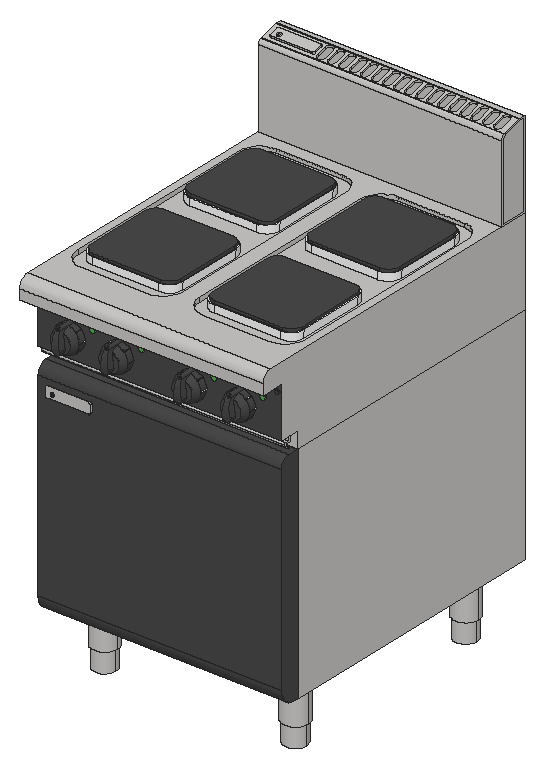
Revit family "QF_Moffat_RNB8400SE-CD_Electric_Cooktops_Sealed_Hobs_cat", category Specialty Equipment, Revit 2019 (continued)
Definition of nested family "High and Low Option"
  Forms (mm)
    Extrusion 2, solid, visible <- "High Back"
      sketch origin (0, 0, 0) x (0, 1, 0) y (0, 0, 1)
        loop
          arc (-66.8, 1105.938) -> (-64.972, 1111.307) -> (-60.248, 1114.446) r 8.8
          line (-60.248, 1114.446) -> (-61.106, 1117.646)
          arc (-61.106, 1117.646) -> (-67.52, 1113.36) -> (-70, 1106.055) r 12
          line (-70, 1106.055) -> (-70, 915)
      from 0 to 600
    Extrusion 3, solid, visible <- "High Back"
      sketch origin (0, 0, 0) x (0, 1, 0) y (0, 0, 1)
        loop
          line (-3.2, 1126.8) -> (-14.143, 1126.8) -> (-60.278, 1114.438)
          arc (-60.278, 1114.438) -> (-64.982, 1111.295) -> (-66.8, 1105.938) r 8.8
          line (-66.8, 1105.938) -> (-66.8, 918.2) -> (-3.2, 918.2) -> (-3.2, 1126.8)
      from 0 to 3.2
    Extrusion 4, solid, visible <- "High Back"
      sketch origin (600, 0, 0) x (0, 1, 0) y (0, 0, -1)
        loop
          line (-3.2, -1126.8) -> (-3.2, -918.2) -> (-66.8, -918.2) -> (-66.8, -1105.938)
          arc (-66.8, -1105.938) -> (-64.982, -1111.295) -> (-60.278, -1114.438) r 8.8
          line (-60.278, -1114.438) -> (-14.143, -1126.8) -> (-3.2, -1126.8)
      from 0 to 3.2
    Extrusion 5, solid, visible <- "High Back"
      sketch origin (0, -15, 1130) x (0, -0.965926, -0.258819) y (1, 0, 0)
        loop
          line (47.732, 600) -> (0, 600) -> (0, 0) -> (47.732, 0) -> (47.732, 600)
        loop
          arc (11.379, 149.307) -> (1.379, 139.307) -> (11.379, 129.307) r 10
          line (11.379, 129.307) -> (36.495, 129.307)
          arc (36.495, 129.307) -> (46.495, 139.307) -> (36.495, 149.307) r 10
          line (36.495, 149.307) -> (11.379, 149.307)
        loop
          arc (11.379, 176.588) -> (1.379, 166.588) -> (11.379, 156.588) r 10
          line (11.379, 156.588) -> (36.495, 156.588)
          arc (36.495, 156.588) -> (46.495, 166.588) -> (36.495, 176.588) r 10
          line (36.495, 176.588) -> (11.379, 176.588)
        loop
          arc (11.379, 203.868) -> (1.379, 193.868) -> (11.379, 183.868) r 10
          line (11.379, 183.868) -> (36.495, 183.868)
          arc (36.495, 183.868) -> (46.495, 193.868) -> (36.495, 203.868) r 10
          line (36.495, 203.868) -> (11.379, 203.868)
        loop
          arc (11.379, 231.148) -> (1.379, 221.148) -> (11.379, 211.148) r 10
          line (11.379, 211.148) -> (36.495, 211.148)
          arc (36.495, 211.148) -> (46.495, 221.148) -> (36.495, 231.148) r 10
          line (36.495, 231.148) -> (11.379, 231.148)
        loop
          arc (11.379, 258.428) -> (1.379, 248.428) -> (11.379, 238.428) r 10
          line (11.379, 238.428) -> (36.495, 238.428)
          arc (36.495, 238.428) -> (46.495, 248.428) -> (36.495, 258.428) r 10
          line (36.495, 258.428) -> (11.379, 258.428)
        loop
          arc (11.379, 285.709) -> (1.379, 275.709) -> (11.379, 265.709) r 10
          line (11.379, 265.709) -> (36.495, 265.709)
          arc (36.495, 265.709) -> (46.495, 275.709) -> (36.495, 285.709) r 10
          line (36.495, 285.709) -> (11.379, 285.709)
        loop
          arc (11.379, 312.989) -> (1.379, 302.989) -> (11.379, 292.989) r 10
          line (11.379, 292.989) -> (36.495, 292.989)
          arc (36.495, 292.989) -> (46.495, 302.989) -> (36.495, 312.989) r 10
          line (36.495, 312.989) -> (11.379, 312.989)
        loop
          arc (11.379, 340.269) -> (1.379, 330.269) -> (11.379, 320.269) r 10
          line (11.379, 320.269) -> (36.495, 320.269)
          arc (36.495, 320.269) -> (46.495, 330.269) -> (36.495, 340.269) r 10
          line (36.495, 340.269) -> (11.379, 340.269)
        loop
          arc (11.379, 367.549) -> (1.379, 357.549) -> (11.379, 347.549) r 10
          line (11.379, 347.549) -> (36.495, 347.549)
          arc (36.495, 347.549) -> (46.495, 357.549) -> (36.495, 367.549) r 10
          line (36.495, 367.549) -> (11.379, 367.549)
        loop
          arc (11.379, 394.829) -> (1.379, 384.829) -> (11.379, 374.829) r 10
          line (11.379, 374.829) -> (36.495, 374.829)
          arc (36.495, 374.829) -> (46.495, 384.829) -> (36.495, 394.829) r 10
          line (36.495, 394.829) -> (11.379, 394.829)
        loop
          arc (11.379, 422.11) -> (1.379, 412.11) -> (11.379, 402.11) r 10
          line (11.379, 402.11) -> (36.495, 402.11)
          arc (36.495, 402.11) -> (46.495, 412.11) -> (36.495, 422.11) r 10
          line (36.495, 422.11) -> (11.379, 422.11)
        loop
          arc (11.379, 449.39) -> (1.379, 439.39) -> (11.379, 429.39) r 10
          line (11.379, 429.39) -> (36.495, 429.39)
          arc (36.495, 429.39) -> (46.495, 439.39) -> (36.495, 449.39) r 10
          line (36.495, 449.39) -> (11.379, 449.39)
        loop
          arc (11.379, 476.67) -> (1.379, 466.67) -> (11.379, 456.67) r 10
          line (11.379, 456.67) -> (36.495, 456.67)
          arc (36.495, 456.67) -> (46.495, 466.67) -> (36.495, 476.67) r 10
          line (36.495, 476.67) -> (11.379, 476.67)
        loop
          arc (11.379, 503.95) -> (1.379, 493.95) -> (11.379, 483.95) r 10
          line (11.379, 483.95) -> (36.495, 483.95)
          arc (36.495, 483.95) -> (46.495, 493.95) -> (36.495, 503.95) r 10
          line (36.495, 503.95) -> (11.379, 503.95)
        loop
          arc (11.379, 531.23) -> (1.379, 521.23) -> (11.379, 511.23) r 10
          line (11.379, 511.23) -> (36.495, 511.23)
          arc (36.495, 511.23) -> (46.495, 521.23) -> (36.495, 531.23) r 10
          line (36.495, 531.23) -> (11.379, 531.23)
        loop
          arc (11.379, 558.511) -> (1.379, 548.511) -> (11.379, 538.511) r 10
          line (11.379, 538.511) -> (36.495, 538.511)
          arc (36.495, 538.511) -> (46.495, 548.511) -> (36.495, 558.511) r 10
          line (36.495, 558.511) -> (11.379, 558.511)
        loop
          arc (11.379, 585.791) -> (1.379, 575.791) -> (11.379, 565.791) r 10
          line (11.379, 565.791) -> (36.495, 565.791)
          arc (36.495, 565.791) -> (46.495, 575.791) -> (36.495, 585.791) r 10
          line (36.495, 585.791) -> (11.379, 585.791)
      from 0 to -3.313
    Extrusion 6, solid, visible <- "Low Back", not visible
      sketch origin (0, 0, 600) x (0, 1, 0) y (0, 0, 1)
        loop
          line (-70, 315) -> (0, 315) -> (0, 370) -> (-55, 370) -> (-70, 355) -> (-70, 315)
      from 0 to 600
    Extrusion 7, solid, visible <- "High Back", not visible
      sketch origin (0, 0, 0) x (0, 1, 0) y (0, 0, 1)
        loop
          line (-70, 915) -> (0, 915) -> (0, 1130) -> (-15, 1130) -> (-14.143, 1126.8) -> (-3.2, 1126.8) -> (-3.2, 918.2) -> (-66.8, 918.2) -> (-66.8, 1105.938)
          arc (-66.8, 1105.938) -> (-64.972, 1111.307) -> (-60.248, 1114.446) r 8.8
          line (-60.248, 1114.446) -> (-61.106, 1117.646)
          arc (-61.106, 1117.646) -> (-67.52, 1113.36) -> (-70, 1106.055) r 12
          line (-70, 1106.055) -> (-70, 915)
      from 0 to 600
    Extrusion 8, solid, visible <- "High Back", not visible
      sketch origin (0, 0, 0) x (0, 1, 0) y (0, 0, 1)
        loop
          line (-3.2, 1126.8) -> (-14.143, 1126.8) -> (-60.278, 1114.438)
          arc (-60.278, 1114.438) -> (-64.982, 1111.295) -> (-66.8, 1105.938) r 8.8
          line (-66.8, 1105.938) -> (-66.8, 918.2) -> (-3.2, 918.2) -> (-3.2, 1126.8)
      from 0 to 3.2
    Extrusion 9, solid, visible <- "High Back", not visible
      sketch origin (600, 0, 0) x (0, 1, 0) y (0, 0, -1)
        loop
          line (-3.2, -1126.8) -> (-3.2, -918.2) -> (-66.8, -918.2) -> (-66.8, -1105.938)
          arc (-66.8, -1105.938) -> (-64.982, -1111.295) -> (-60.278, -1114.438) r 8.8
          line (-60.278, -1114.438) -> (-14.143, -1126.8) -> (-3.2, -1126.8)
      from 0 to 3.2
    Extrusion 10, solid, visible <- "High Back", not visible
      sketch origin (0, -15, 1130) x (0, -0.965926, -0.258819) y (1, 0, 0)
        loop
          line (47.732, 600) -> (0, 600) -> (0, 0) -> (47.732, 0) -> (47.732, 600)
        loop
          arc (11.379, 149.307) -> (1.379, 139.307) -> (11.379, 129.307) r 10
          line (11.379, 129.307) -> (36.495, 129.307)
          arc (36.495, 129.307) -> (46.495, 139.307) -> (36.495, 149.307) r 10
          line (36.495, 149.307) -> (11.379, 149.307)
        loop
          arc (11.379, 176.588) -> (1.379, 166.588) -> (11.379, 156.588) r 10
          line (11.379, 156.588) -> (36.495, 156.588)
          arc (36.495, 156.588) -> (46.495, 166.588) -> (36.495, 176.588) r 10
          line (36.495, 176.588) -> (11.379, 176.588)
        loop
          arc (11.379, 203.868) -> (1.379, 193.868) -> (11.379, 183.868) r 10
          line (11.379, 183.868) -> (36.495, 183.868)
          arc (36.495, 183.868) -> (46.495, 193.868) -> (36.495, 203.868) r 10
          line (36.495, 203.868) -> (11.379, 203.868)
        loop
          arc (11.379, 231.148) -> (1.379, 221.148) -> (11.379, 211.148) r 10
          line (11.379, 211.148) -> (36.495, 211.148)
          arc (36.495, 211.148) -> (46.495, 221.148) -> (36.495, 231.148) r 10
          line (36.495, 231.148) -> (11.379, 231.148)
        loop
          arc (11.379, 258.428) -> (1.379, 248.428) -> (11.379, 238.428) r 10
          line (11.379, 238.428) -> (36.495, 238.428)
          arc (36.495, 238.428) -> (46.495, 248.428) -> (36.495, 258.428) r 10
          line (36.495, 258.428) -> (11.379, 258.428)
        loop
          arc (11.379, 285.709) -> (1.379, 275.709) -> (11.379, 265.709) r 10
          line (11.379, 265.709) -> (36.495, 265.709)
          arc (36.495, 265.709) -> (46.495, 275.709) -> (36.495, 285.709) r 10
          line (36.495, 285.709) -> (11.379, 285.709)
        loop
          arc (11.379, 312.989) -> (1.379, 302.989) -> (11.379, 292.989) r 10
          line (11.379, 292.989) -> (36.495, 292.989)
          arc (36.495, 292.989) -> (46.495, 302.989) -> (36.495, 312.989) r 10
          line (36.495, 312.989) -> (11.379, 312.989)
        loop
          arc (11.379, 340.269) -> (1.379, 330.269) -> (11.379, 320.269) r 10
          line (11.379, 320.269) -> (36.495, 320.269)
          arc (36.495, 320.269) -> (46.495, 330.269) -> (36.495, 340.269) r 10
          line (36.495, 340.269) -> (11.379, 340.269)
        loop
          arc (11.379, 367.549) -> (1.379, 357.549) -> (11.379, 347.549) r 10
          line (11.379, 347.549) -> (36.495, 347.549)
          arc (36.495, 347.549) -> (46.495, 357.549) -> (36.495, 367.549) r 10
          line (36.495, 367.549) -> (11.379, 367.549)
        loop
          arc (11.379, 394.829) -> (1.379, 384.829) -> (11.379, 374.829) r 10
          line (11.379, 374.829) -> (36.495, 374.829)
          arc (36.495, 374.829) -> (46.495, 384.829) -> (36.495, 394.829) r 10
          line (36.495, 394.829) -> (11.379, 394.829)
        loop
          arc (11.379, 422.11) -> (1.379, 412.11) -> (11.379, 402.11) r 10
          line (11.379, 402.11) -> (36.495, 402.11)
          arc (36.495, 402.11) -> (46.495, 412.11) -> (36.495, 422.11) r 10
          line (36.495, 422.11) -> (11.379, 422.11)
        loop
          arc (11.379, 449.39) -> (1.379, 439.39) -> (11.379, 429.39) r 10
          line (11.379, 429.39) -> (36.495, 429.39)
          arc (36.495, 429.39) -> (46.495, 439.39) -> (36.495, 449.39) r 10
          line (36.495, 449.39) -> (11.379, 449.39)
        loop
          arc (11.379, 476.67) -> (1.379, 466.67) -> (11.379, 456.67) r 10
          line (11.379, 456.67) -> (36.495, 456.67)
          arc (36.495, 456.67) -> (46.495, 466.67) -> (36.495, 476.67) r 10
          line (36.495, 476.67) -> (11.379, 476.67)
        loop
          arc (11.379, 503.95) -> (1.379, 493.95) -> (11.379, 483.95) r 10
          line (11.379, 483.95) -> (36.495, 483.95)
          arc (36.495, 483.95) -> (46.495, 493.95) -> (36.495, 503.95) r 10
          line (36.495, 503.95) -> (11.379, 503.95)
        loop
          arc (11.379, 531.23) -> (1.379, 521.23) -> (11.379, 511.23) r 10
          line (11.379, 511.23) -> (36.495, 511.23)
          arc (36.495, 511.23) -> (46.495, 521.23) -> (36.495, 531.23) r 10
          line (36.495, 531.23) -> (11.379, 531.23)
        loop
          arc (11.379, 558.511) -> (1.379, 548.511) -> (11.379, 538.511) r 10
          line (11.379, 538.511) -> (36.495, 538.511)
          arc (36.495, 538.511) -> (46.495, 548.511) -> (36.495, 558.511) r 10
          line (36.495, 558.511) -> (11.379, 558.511)
        loop
          arc (11.379, 585.791) -> (1.379, 575.791) -> (11.379, 565.791) r 10
          line (11.379, 565.791) -> (36.495, 565.791)
          arc (36.495, 565.791) -> (46.495, 575.791) -> (36.495, 585.791) r 10
          line (36.495, 585.791) -> (11.379, 585.791)
      from 0 to -3.313
  Lines and regions (mm)
    symbolic lines
      curve 1: line (0, -71.587, 946.25) -> (0, -71.587, 923.25)
      curve 2: line (0, 0, 0) -> (600, 0, 0)
      curve 3: line (0, -70, 0) -> (0, 0, 0)
      curve 4: line (600, -70, 0) -> (0, -70, 0)
      curve 5: line (600, 0, 0) -> (600, -70, 0)
      curve 6: line (129.307, -50.251, 0) -> (129.307, -25.991, 0)
      curve 7: spline (129.307, -25.991, 0) -> (129.648, -23.491, 0) -> (130.647, -21.162, 0) -> (132.236, -19.161, 0) -> (134.307, -17.626, 0) -> (136.719, -16.661, 0) -> (139.307, -16.332, 0) -> (141.896, -16.661, 0) -> (144.307, -17.626, 0) -> (146.379, -19.161, 0) -> (147.968, -21.162, 0) -> (148.967, -23.491, 0) -> (149.307, -25.991, 0)
      curve 8: line (149.307, -25.991, 0) -> (149.307, -50.251, 0)
      curve 9: spline (149.307, -50.251, 0) -> (148.967, -52.751, 0) -> (147.968, -55.081, 0) -> (146.379, -57.081, 0) -> (144.307, -58.616, 0) -> (141.896, -59.581, 0) -> (139.307, -59.91, 0) -> (136.719, -59.581, 0) -> (134.307, -58.616, 0) -> (132.236, -57.081, 0) -> (130.647, -55.081, 0) -> (129.648, -52.751, 0) -> (129.307, -50.251, 0)
      curve 10: line (156.588, -50.251, 0) -> (156.588, -25.991, 0)
      curve 11: spline (156.588, -25.991, 0) -> (156.928, -23.491, 0) -> (157.927, -21.162, 0) -> (159.517, -19.161, 0) -> (161.588, -17.626, 0) -> (164, -16.661, 0) -> (166.588, -16.332, 0) -> (169.176, -16.661, 0) -> (171.588, -17.626, 0) -> (173.659, -19.161, 0) -> (175.248, -21.162, 0) -> (176.247, -23.491, 0) -> (176.588, -25.991, 0)
      curve 12: line (176.588, -25.991, 0) -> (176.588, -50.251, 0)
      curve 13: spline (176.588, -50.251, 0) -> (176.247, -52.751, 0) -> (175.248, -55.081, 0) -> (173.659, -57.081, 0) -> (171.588, -58.616, 0) -> (169.176, -59.581, 0) -> (166.588, -59.91, 0) -> (164, -59.581, 0) -> (161.588, -58.616, 0) -> (159.517, -57.081, 0) -> (157.927, -55.081, 0) -> (156.928, -52.751, 0) -> (156.588, -50.251, 0)
      curve 14: line (183.868, -50.251, 0) -> (183.868, -25.991, 0)
      curve 15: spline (183.868, -25.991, 0) -> (184.209, -23.491, 0) -> (185.208, -21.162, 0) -> (186.797, -19.161, 0) -> (188.868, -17.626, 0) -> (191.28, -16.661, 0) -> (193.868, -16.332, 0) -> (196.456, -16.661, 0) -> (198.868, -17.626, 0) -> (200.939, -19.161, 0) -> (202.528, -21.162, 0) -> (203.527, -23.491, 0) -> (203.868, -25.991, 0)
      curve 16: line (203.868, -25.991, 0) -> (203.868, -50.251, 0)
      curve 17: spline (203.868, -50.251, 0) -> (203.527, -52.751, 0) -> (202.528, -55.081, 0) -> (200.939, -57.081, 0) -> (198.868, -58.616, 0) -> (196.456, -59.581, 0) -> (193.868, -59.91, 0) -> (191.28, -59.581, 0) -> (188.868, -58.616, 0) -> (186.797, -57.081, 0) -> (185.208, -55.081, 0) -> (184.209, -52.751, 0) -> (183.868, -50.251, 0)
      curve 18: line (211.148, -50.251, 0) -> (211.148, -25.991, 0)
      curve 19: spline (211.148, -25.991, 0) -> (211.489, -23.491, 0) -> (212.488, -21.162, 0) -> (214.077, -19.161, 0) -> (216.148, -17.626, 0) -> (218.56, -16.661, 0) -> (221.148, -16.332, 0) -> (223.736, -16.661, 0) -> (226.148, -17.626, 0) -> (228.219, -19.161, 0) -> (229.808, -21.162, 0) -> (230.807, -23.491, 0) -> (231.148, -25.991, 0)
      curve 20: line (231.148, -25.991, 0) -> (231.148, -50.251, 0)
      curve 21: spline (231.148, -50.251, 0) -> (230.807, -52.751, 0) -> (229.808, -55.081, 0) -> (228.219, -57.081, 0) -> (226.148, -58.616, 0) -> (223.736, -59.581, 0) -> (221.148, -59.91, 0) -> (218.56, -59.581, 0) -> (216.148, -58.616, 0) -> (214.077, -57.081, 0) -> (212.488, -55.081, 0) -> (211.489, -52.751, 0) -> (211.148, -50.251, 0)
      curve 22: line (238.428, -50.251, 0) -> (238.428, -25.991, 0)
      curve 23: spline (238.428, -25.991, 0) -> (238.769, -23.491, 0) -> (239.768, -21.162, 0) -> (241.357, -19.161, 0) -> (243.428, -17.626, 0) -> (245.84, -16.661, 0) -> (248.428, -16.332, 0) -> (251.017, -16.661, 0) -> (253.428, -17.626, 0) -> (255.499, -19.161, 0) -> (257.089, -21.162, 0) -> (258.088, -23.491, 0) -> (258.428, -25.991, 0)
      curve 24: line (258.428, -25.991, 0) -> (258.428, -50.251, 0)
      curve 25: spline (258.428, -50.251, 0) -> (258.088, -52.751, 0) -> (257.089, -55.081, 0) -> (255.499, -57.081, 0) -> (253.428, -58.616, 0) -> (251.017, -59.581, 0) -> (248.428, -59.91, 0) -> (245.84, -59.581, 0) -> (243.428, -58.616, 0) -> (241.357, -57.081, 0) -> (239.768, -55.081, 0) -> (238.769, -52.751, 0) -> (238.428, -50.251, 0)
      curve 26: line (265.709, -50.251, 0) -> (265.709, -25.991, 0)
      curve 27: spline (265.709, -25.991, 0) -> (266.049, -23.491, 0) -> (267.048, -21.162, 0) -> (268.637, -19.161, 0) -> (270.709, -17.626, 0) -> (273.12, -16.661, 0) -> (275.709, -16.332, 0) -> (278.297, -16.661, 0) -> (280.709, -17.626, 0) -> (282.78, -19.161, 0) -> (284.369, -21.162, 0) -> (285.368, -23.491, 0) -> (285.709, -25.991, 0)
      curve 28: line (285.709, -25.991, 0) -> (285.709, -50.251, 0)
      curve 29: spline (285.709, -50.251, 0) -> (285.368, -52.751, 0) -> (284.369, -55.081, 0) -> (282.78, -57.081, 0) -> (280.709, -58.616, 0) -> (278.297, -59.581, 0) -> (275.709, -59.91, 0) -> (273.12, -59.581, 0) -> (270.709, -58.616, 0) -> (268.637, -57.081, 0) -> (267.048, -55.081, 0) -> (266.049, -52.751, 0) -> (265.709, -50.251, 0)
      curve 30: line (292.989, -50.251, 0) -> (292.989, -25.991, 0)
      curve 31: spline (292.989, -25.991, 0) -> (293.329, -23.491, 0) -> (294.329, -21.162, 0) -> (295.918, -19.161, 0) -> (297.989, -17.626, 0) -> (300.401, -16.661, 0) -> (302.989, -16.332, 0) -> (305.577, -16.661, 0) -> (307.989, -17.626, 0) -> (310.06, -19.161, 0) -> (311.649, -21.162, 0) -> (312.648, -23.491, 0) -> (312.989, -25.991, 0)
      curve 32: line (312.989, -25.991, 0) -> (312.989, -50.251, 0)
      curve 33: spline (312.989, -50.251, 0) -> (312.648, -52.751, 0) -> (311.649, -55.081, 0) -> (310.06, -57.081, 0) -> (307.989, -58.616, 0) -> (305.577, -59.581, 0) -> (302.989, -59.91, 0) -> (300.401, -59.581, 0) -> (297.989, -58.616, 0) -> (295.918, -57.081, 0) -> (294.329, -55.081, 0) -> (293.329, -52.751, 0) -> (292.989, -50.251, 0)
      curve 34: line (320.269, -50.251, 0) -> (320.269, -25.991, 0)
      curve 35: spline (320.269, -25.991, 0) -> (320.61, -23.491, 0) -> (321.609, -21.162, 0) -> (323.198, -19.161, 0) -> (325.269, -17.626, 0) -> (327.681, -16.661, 0) -> (330.269, -16.332, 0) -> (332.857, -16.661, 0) -> (335.269, -17.626, 0) -> (337.34, -19.161, 0) -> (338.929, -21.162, 0) -> (339.928, -23.491, 0) -> (340.269, -25.991, 0)
      curve 36: line (340.269, -25.991, 0) -> (340.269, -50.251, 0)
      curve 37: spline (340.269, -50.251, 0) -> (339.928, -52.751, 0) -> (338.929, -55.081, 0) -> (337.34, -57.081, 0) -> (335.269, -58.616, 0) -> (332.857, -59.581, 0) -> (330.269, -59.91, 0) -> (327.681, -59.581, 0) -> (325.269, -58.616, 0) -> (323.198, -57.081, 0) -> (321.609, -55.081, 0) -> (320.61, -52.751, 0) -> (320.269, -50.251, 0)
      curve 38: line (347.549, -50.251, 0) -> (347.549, -25.991, 0)
      curve 39: spline (347.549, -25.991, 0) -> (347.89, -23.491, 0) -> (348.889, -21.162, 0) -> (350.478, -19.161, 0) -> (352.549, -17.626, 0) -> (354.961, -16.661, 0) -> (357.549, -16.332, 0) -> (360.137, -16.661, 0) -> (362.549, -17.626, 0) -> (364.62, -19.161, 0) -> (366.209, -21.162, 0) -> (367.208, -23.491, 0) -> (367.549, -25.991, 0)
      curve 40: line (367.549, -25.991, 0) -> (367.549, -50.251, 0)
      curve 41: spline (367.549, -50.251, 0) -> (367.208, -52.751, 0) -> (366.209, -55.081, 0) -> (364.62, -57.081, 0) -> (362.549, -58.616, 0) -> (360.137, -59.581, 0) -> (357.549, -59.91, 0) -> (354.961, -59.581, 0) -> (352.549, -58.616, 0) -> (350.478, -57.081, 0) -> (348.889, -55.081, 0) -> (347.89, -52.751, 0) -> (347.549, -50.251, 0)
      curve 42: line (374.829, -50.251, 0) -> (374.829, -25.991, 0)
      curve 43: spline (374.829, -25.991, 0) -> (375.17, -23.491, 0) -> (376.169, -21.162, 0) -> (377.758, -19.161, 0) -> (379.829, -17.626, 0) -> (382.241, -16.661, 0) -> (384.829, -16.332, 0) -> (387.418, -16.661, 0) -> (389.829, -17.626, 0) -> (391.9, -19.161, 0) -> (393.49, -21.162, 0) -> (394.489, -23.491, 0) -> (394.829, -25.991, 0)
      curve 44: line (394.829, -25.991, 0) -> (394.829, -50.251, 0)
      curve 45: spline (394.829, -50.251, 0) -> (394.489, -52.751, 0) -> (393.49, -55.081, 0) -> (391.9, -57.081, 0) -> (389.829, -58.616, 0) -> (387.418, -59.581, 0) -> (384.829, -59.91, 0) -> (382.241, -59.581, 0) -> (379.829, -58.616, 0) -> (377.758, -57.081, 0) -> (376.169, -55.081, 0) -> (375.17, -52.751, 0) -> (374.829, -50.251, 0)
      curve 46: line (402.11, -50.251, 0) -> (402.11, -25.991, 0)
      curve 47: spline (402.11, -25.991, 0) -> (402.45, -23.491, 0) -> (403.449, -21.162, 0) -> (405.039, -19.161, 0) -> (407.11, -17.626, 0) -> (409.521, -16.661, 0) -> (412.11, -16.332, 0) -> (414.698, -16.661, 0) -> (417.11, -17.626, 0) -> (419.181, -19.161, 0) -> (420.77, -21.162, 0) -> (421.769, -23.491, 0) -> (422.11, -25.991, 0)
      curve 48: line (422.11, -25.991, 0) -> (422.11, -50.251, 0)
      curve 49: spline (422.11, -50.251, 0) -> (421.769, -52.751, 0) -> (420.77, -55.081, 0) -> (419.181, -57.081, 0) -> (417.11, -58.616, 0) -> (414.698, -59.581, 0) -> (412.11, -59.91, 0) -> (409.521, -59.581, 0) -> (407.11, -58.616, 0) -> (405.039, -57.081, 0) -> (403.449, -55.081, 0) -> (402.45, -52.751, 0) -> (402.11, -50.251, 0)
      curve 50: line (429.39, -50.251, 0) -> (429.39, -25.991, 0)
      curve 51: spline (429.39, -25.991, 0) -> (429.731, -23.491, 0) -> (430.73, -21.162, 0) -> (432.319, -19.161, 0) -> (434.39, -17.626, 0) -> (436.802, -16.661, 0) -> (439.39, -16.332, 0) -> (441.978, -16.661, 0) -> (444.39, -17.626, 0) -> (446.461, -19.161, 0) -> (448.05, -21.162, 0) -> (449.049, -23.491, 0) -> (449.39, -25.991, 0)
      curve 52: line (449.39, -25.991, 0) -> (449.39, -50.251, 0)
      curve 53: spline (449.39, -50.251, 0) -> (449.049, -52.751, 0) -> (448.05, -55.081, 0) -> (446.461, -57.081, 0) -> (444.39, -58.616, 0) -> (441.978, -59.581, 0) -> (439.39, -59.91, 0) -> (436.802, -59.581, 0) -> (434.39, -58.616, 0) -> (432.319, -57.081, 0) -> (430.73, -55.081, 0) -> (429.731, -52.751, 0) -> (429.39, -50.251, 0)
      curve 54: line (456.67, -50.251, 0) -> (456.67, -25.991, 0)
      curve 55: spline (456.67, -25.991, 0) -> (457.011, -23.491, 0) -> (458.01, -21.162, 0) -> (459.599, -19.161, 0) -> (461.67, -17.626, 0) -> (464.082, -16.661, 0) -> (466.67, -16.332, 0) -> (469.258, -16.661, 0) -> (471.67, -17.626, 0) -> (473.741, -19.161, 0) -> (475.33, -21.162, 0) -> (476.329, -23.491, 0) -> (476.67, -25.991, 0)
      curve 56: line (476.67, -25.991, 0) -> (476.67, -50.251, 0)
      curve 57: spline (476.67, -50.251, 0) -> (476.329, -52.751, 0) -> (475.33, -55.081, 0) -> (473.741, -57.081, 0) -> (471.67, -58.616, 0) -> (469.258, -59.581, 0) -> (466.67, -59.91, 0) -> (464.082, -59.581, 0) -> (461.67, -58.616, 0) -> (459.599, -57.081, 0) -> (458.01, -55.081, 0) -> (457.011, -52.751, 0) -> (456.67, -50.251, 0)
      curve 58: line (483.95, -50.251, 0) -> (483.95, -25.991, 0)
      curve 59: spline (483.95, -25.991, 0) -> (484.291, -23.491, 0) -> (485.29, -21.162, 0) -> (486.879, -19.161, 0) -> (488.95, -17.626, 0) -> (491.362, -16.661, 0) -> (493.95, -16.332, 0) -> (496.538, -16.661, 0) -> (498.95, -17.626, 0) -> (501.021, -19.161, 0) -> (502.61, -21.162, 0) -> (503.609, -23.491, 0) -> (503.95, -25.991, 0)
      curve 60: line (503.95, -25.991, 0) -> (503.95, -50.251, 0)
      curve 61: spline (503.95, -50.251, 0) -> (503.609, -52.751, 0) -> (502.61, -55.081, 0) -> (501.021, -57.081, 0) -> (498.95, -58.616, 0) -> (496.538, -59.581, 0) -> (493.95, -59.91, 0) -> (491.362, -59.581, 0) -> (488.95, -58.616, 0) -> (486.879, -57.081, 0) -> (485.29, -55.081, 0) -> (484.291, -52.751, 0) -> (483.95, -50.251, 0)
      curve 62: line (511.23, -50.251, 0) -> (511.23, -25.991, 0)
      curve 63: spline (511.23, -25.991, 0) -> (511.571, -23.491, 0) -> (512.57, -21.162, 0) -> (514.159, -19.161, 0) -> (516.23, -17.626, 0) -> (518.642, -16.661, 0) -> (521.23, -16.332, 0) -> (523.819, -16.661, 0) -> (526.23, -17.626, 0) -> (528.302, -19.161, 0) -> (529.891, -21.162, 0) -> (530.89, -23.491, 0) -> (531.23, -25.991, 0)
      curve 64: line (531.23, -25.991, 0) -> (531.23, -50.251, 0)
      curve 65: spline (531.23, -50.251, 0) -> (530.89, -52.751, 0) -> (529.891, -55.081, 0) -> (528.302, -57.081, 0) -> (526.23, -58.616, 0) -> (523.819, -59.581, 0) -> (521.23, -59.91, 0) -> (518.642, -59.581, 0) -> (516.23, -58.616, 0) -> (514.159, -57.081, 0) -> (512.57, -55.081, 0) -> (511.571, -52.751, 0) -> (511.23, -50.251, 0)
      curve 66: line (538.511, -50.251, 0) -> (538.511, -25.991, 0)
      curve 67: spline (538.511, -25.991, 0) -> (538.851, -23.491, 0) -> (539.85, -21.162, 0) -> (541.44, -19.161, 0) -> (543.511, -17.626, 0) -> (545.922, -16.661, 0) -> (548.511, -16.332, 0) -> (551.099, -16.661, 0) -> (553.511, -17.626, 0) -> (555.582, -19.161, 0) -> (557.171, -21.162, 0) -> (558.17, -23.491, 0) -> (558.511, -25.991, 0)
      curve 68: line (558.511, -25.991, 0) -> (558.511, -50.251, 0)
      curve 69: spline (558.511, -50.251, 0) -> (558.17, -52.751, 0) -> (557.171, -55.081, 0) -> (555.582, -57.081, 0) -> (553.511, -58.616, 0) -> (551.099, -59.581, 0) -> (548.511, -59.91, 0) -> (545.922, -59.581, 0) -> (543.511, -58.616, 0) -> (541.44, -57.081, 0) -> (539.85, -55.081, 0) -> (538.851, -52.751, 0) -> (538.511, -50.251, 0)
      curve 70: line (565.791, -50.251, 0) -> (565.791, -25.991, 0)
      curve 71: spline (565.791, -25.991, 0) -> (566.132, -23.491, 0) -> (567.131, -21.162, 0) -> (568.72, -19.161, 0) -> (570.791, -17.626, 0) -> (573.203, -16.661, 0) -> (575.791, -16.332, 0) -> (578.379, -16.661, 0) -> (580.791, -17.626, 0) -> (582.862, -19.161, 0) -> (584.451, -21.162, 0) -> (585.45, -23.491, 0) -> (585.791, -25.991, 0)
      curve 72: line (585.791, -25.991, 0) -> (585.791, -50.251, 0)
      curve 73: spline (585.791, -50.251, 0) -> (585.45, -52.751, 0) -> (584.451, -55.081, 0) -> (582.862, -57.081, 0) -> (580.791, -58.616, 0) -> (578.379, -59.581, 0) -> (575.791, -59.91, 0) -> (573.203, -59.581, 0) -> (570.791, -58.616, 0) -> (568.72, -57.081, 0) -> (567.131, -55.081, 0) -> (566.132, -52.751, 0) -> (565.791, -50.251, 0)
      curve 146: line (0, 0, 0) -> (600, 0, 0)
      curve 147: line (0, -70, 0) -> (0, 0, 0)
      curve 148: line (600, -70, 0) -> (0, -70, 0)
      curve 149: line (600, 0, 0) -> (600, -70, 0)
    symbolic lines, not visible
      curve 74: line (0, 0, 0) -> (600, 0, 0)
      curve 75: line (0, -70, 0) -> (0, 0, 0)
      curve 76: line (600, -70, 0) -> (0, -70, 0)
      curve 77: line (600, 0, 0) -> (600, -70, 0)
      curve 78: line (129.307, -50.251, 0) -> (129.307, -25.991, 0)
      curve 79: spline (129.307, -25.991, 0) -> (129.648, -23.491, 0) -> (130.647, -21.162, 0) -> (132.236, -19.161, 0) -> (134.307, -17.626, 0) -> (136.719, -16.661, 0) -> (139.307, -16.332, 0) -> (141.896, -16.661, 0) -> (144.307, -17.626, 0) -> (146.379, -19.161, 0) -> (147.968, -21.162, 0) -> (148.967, -23.491, 0) -> (149.307, -25.991, 0)
      curve 80: line (149.307, -25.991, 0) -> (149.307, -50.251, 0)
      curve 81: spline (149.307, -50.251, 0) -> (148.967, -52.751, 0) -> (147.968, -55.081, 0) -> (146.379, -57.081, 0) -> (144.307, -58.616, 0) -> (141.896, -59.581, 0) -> (139.307, -59.91, 0) -> (136.719, -59.581, 0) -> (134.307, -58.616, 0) -> (132.236, -57.081, 0) -> (130.647, -55.081, 0) -> (129.648, -52.751, 0) -> (129.307, -50.251, 0)
      curve 82: line (156.588, -50.251, 0) -> (156.588, -25.991, 0)
      curve 83: spline (156.588, -25.991, 0) -> (156.928, -23.491, 0) -> (157.927, -21.162, 0) -> (159.517, -19.161, 0) -> (161.588, -17.626, 0) -> (164, -16.661, 0) -> (166.588, -16.332, 0) -> (169.176, -16.661, 0) -> (171.588, -17.626, 0) -> (173.659, -19.161, 0) -> (175.248, -21.162, 0) -> (176.247, -23.491, 0) -> (176.588, -25.991, 0)
      curve 84: line (176.588, -25.991, 0) -> (176.588, -50.251, 0)
      curve 85: spline (176.588, -50.251, 0) -> (176.247, -52.751, 0) -> (175.248, -55.081, 0) -> (173.659, -57.081, 0) -> (171.588, -58.616, 0) -> (169.176, -59.581, 0) -> (166.588, -59.91, 0) -> (164, -59.581, 0) -> (161.588, -58.616, 0) -> (159.517, -57.081, 0) -> (157.927, -55.081, 0) -> (156.928, -52.751, 0) -> (156.588, -50.251, 0)
      curve 86: line (183.868, -50.251, 0) -> (183.868, -25.991, 0)
      curve 87: spline (183.868, -25.991, 0) -> (184.209, -23.491, 0) -> (185.208, -21.162, 0) -> (186.797, -19.161, 0) -> (188.868, -17.626, 0) -> (191.28, -16.661, 0) -> (193.868, -16.332, 0) -> (196.456, -16.661, 0) -> (198.868, -17.626, 0) -> (200.939, -19.161, 0) -> (202.528, -21.162, 0) -> (203.527, -23.491, 0) -> (203.868, -25.991, 0)
      curve 88: line (203.868, -25.991, 0) -> (203.868, -50.251, 0)
      curve 89: spline (203.868, -50.251, 0) -> (203.527, -52.751, 0) -> (202.528, -55.081, 0) -> (200.939, -57.081, 0) -> (198.868, -58.616, 0) -> (196.456, -59.581, 0) -> (193.868, -59.91, 0) -> (191.28, -59.581, 0) -> (188.868, -58.616, 0) -> (186.797, -57.081, 0) -> (185.208, -55.081, 0) -> (184.209, -52.751, 0) -> (183.868, -50.251, 0)
      curve 90: line (211.148, -50.251, 0) -> (211.148, -25.991, 0)
      curve 91: spline (211.148, -25.991, 0) -> (211.489, -23.491, 0) -> (212.488, -21.162, 0) -> (214.077, -19.161, 0) -> (216.148, -17.626, 0) -> (218.56, -16.661, 0) -> (221.148, -16.332, 0) -> (223.736, -16.661, 0) -> (226.148, -17.626, 0) -> (228.219, -19.161, 0) -> (229.808, -21.162, 0) -> (230.807, -23.491, 0) -> (231.148, -25.991, 0)
      curve 92: line (231.148, -25.991, 0) -> (231.148, -50.251, 0)
      curve 93: spline (231.148, -50.251, 0) -> (230.807, -52.751, 0) -> (229.808, -55.081, 0) -> (228.219, -57.081, 0) -> (226.148, -58.616, 0) -> (223.736, -59.581, 0) -> (221.148, -59.91, 0) -> (218.56, -59.581, 0) -> (216.148, -58.616, 0) -> (214.077, -57.081, 0) -> (212.488, -55.081, 0) -> (211.489, -52.751, 0) -> (211.148, -50.251, 0)
      curve 94: line (238.428, -50.251, 0) -> (238.428, -25.991, 0)
      curve 95: spline (238.428, -25.991, 0) -> (238.769, -23.491, 0) -> (239.768, -21.162, 0) -> (241.357, -19.161, 0) -> (243.428, -17.626, 0) -> (245.84, -16.661, 0) -> (248.428, -16.332, 0) -> (251.017, -16.661, 0) -> (253.428, -17.626, 0) -> (255.499, -19.161, 0) -> (257.089, -21.162, 0) -> (258.088, -23.491, 0) -> (258.428, -25.991, 0)
      curve 96: line (258.428, -25.991, 0) -> (258.428, -50.251, 0)
      curve 97: spline (258.428, -50.251, 0) -> (258.088, -52.751, 0) -> (257.089, -55.081, 0) -> (255.499, -57.081, 0) -> (253.428, -58.616, 0) -> (251.017, -59.581, 0) -> (248.428, -59.91, 0) -> (245.84, -59.581, 0) -> (243.428, -58.616, 0) -> (241.357, -57.081, 0) -> (239.768, -55.081, 0) -> (238.769, -52.751, 0) -> (238.428, -50.251, 0)
      curve 98: line (265.709, -50.251, 0) -> (265.709, -25.991, 0)
      curve 99: spline (265.709, -25.991, 0) -> (266.049, -23.491, 0) -> (267.048, -21.162, 0) -> (268.637, -19.161, 0) -> (270.709, -17.626, 0) -> (273.12, -16.661, 0) -> (275.709, -16.332, 0) -> (278.297, -16.661, 0) -> (280.709, -17.626, 0) -> (282.78, -19.161, 0) -> (284.369, -21.162, 0) -> (285.368, -23.491, 0) -> (285.709, -25.991, 0)
      curve 100: line (285.709, -25.991, 0) -> (285.709, -50.251, 0)
      curve 101: spline (285.709, -50.251, 0) -> (285.368, -52.751, 0) -> (284.369, -55.081, 0) -> (282.78, -57.081, 0) -> (280.709, -58.616, 0) -> (278.297, -59.581, 0) -> (275.709, -59.91, 0) -> (273.12, -59.581, 0) -> (270.709, -58.616, 0) -> (268.637, -57.081, 0) -> (267.048, -55.081, 0) -> (266.049, -52.751, 0) -> (265.709, -50.251, 0)
      curve 102: line (292.989, -50.251, 0) -> (292.989, -25.991, 0)
      curve 103: spline (292.989, -25.991, 0) -> (293.329, -23.491, 0) -> (294.329, -21.162, 0) -> (295.918, -19.161, 0) -> (297.989, -17.626, 0) -> (300.401, -16.661, 0) -> (302.989, -16.332, 0) -> (305.577, -16.661, 0) -> (307.989, -17.626, 0) -> (310.06, -19.161, 0) -> (311.649, -21.162, 0) -> (312.648, -23.491, 0) -> (312.989, -25.991, 0)
      curve 104: line (312.989, -25.991, 0) -> (312.989, -50.251, 0)
      curve 105: spline (312.989, -50.251, 0) -> (312.648, -52.751, 0) -> (311.649, -55.081, 0) -> (310.06, -57.081, 0) -> (307.989, -58.616, 0) -> (305.577, -59.581, 0) -> (302.989, -59.91, 0) -> (300.401, -59.581, 0) -> (297.989, -58.616, 0) -> (295.918, -57.081, 0) -> (294.329, -55.081, 0) -> (293.329, -52.751, 0) -> (292.989, -50.251, 0)
      curve 106: line (320.269, -50.251, 0) -> (320.269, -25.991, 0)
      curve 107: spline (320.269, -25.991, 0) -> (320.61, -23.491, 0) -> (321.609, -21.162, 0) -> (323.198, -19.161, 0) -> (325.269, -17.626, 0) -> (327.681, -16.661, 0) -> (330.269, -16.332, 0) -> (332.857, -16.661, 0) -> (335.269, -17.626, 0) -> (337.34, -19.161, 0) -> (338.929, -21.162, 0) -> (339.928, -23.491, 0) -> (340.269, -25.991, 0)
      curve 108: line (340.269, -25.991, 0) -> (340.269, -50.251, 0)
      curve 109: spline (340.269, -50.251, 0) -> (339.928, -52.751, 0) -> (338.929, -55.081, 0) -> (337.34, -57.081, 0) -> (335.269, -58.616, 0) -> (332.857, -59.581, 0) -> (330.269, -59.91, 0) -> (327.681, -59.581, 0) -> (325.269, -58.616, 0) -> (323.198, -57.081, 0) -> (321.609, -55.081, 0) -> (320.61, -52.751, 0) -> (320.269, -50.251, 0)
      curve 110: line (347.549, -50.251, 0) -> (347.549, -25.991, 0)
      curve 111: spline (347.549, -25.991, 0) -> (347.89, -23.491, 0) -> (348.889, -21.162, 0) -> (350.478, -19.161, 0) -> (352.549, -17.626, 0) -> (354.961, -16.661, 0) -> (357.549, -16.332, 0) -> (360.137, -16.661, 0) -> (362.549, -17.626, 0) -> (364.62, -19.161, 0) -> (366.209, -21.162, 0) -> (367.208, -23.491, 0) -> (367.549, -25.991, 0)
      curve 112: line (367.549, -25.991, 0) -> (367.549, -50.251, 0)
      curve 113: spline (367.549, -50.251, 0) -> (367.208, -52.751, 0) -> (366.209, -55.081, 0) -> (364.62, -57.081, 0) -> (362.549, -58.616, 0) -> (360.137, -59.581, 0) -> (357.549, -59.91, 0) -> (354.961, -59.581, 0) -> (352.549, -58.616, 0) -> (350.478, -57.081, 0) -> (348.889, -55.081, 0) -> (347.89, -52.751, 0) -> (347.549, -50.251, 0)
      curve 114: line (374.829, -50.251, 0) -> (374.829, -25.991, 0)
      curve 115: spline (374.829, -25.991, 0) -> (375.17, -23.491, 0) -> (376.169, -21.162, 0) -> (377.758, -19.161, 0) -> (379.829, -17.626, 0) -> (382.241, -16.661, 0) -> (384.829, -16.332, 0) -> (387.418, -16.661, 0) -> (389.829, -17.626, 0) -> (391.9, -19.161, 0) -> (393.49, -21.162, 0) -> (394.489, -23.491, 0) -> (394.829, -25.991, 0)
      curve 116: line (394.829, -25.991, 0) -> (394.829, -50.251, 0)
      curve 117: spline (394.829, -50.251, 0) -> (394.489, -52.751, 0) -> (393.49, -55.081, 0) -> (391.9, -57.081, 0) -> (389.829, -58.616, 0) -> (387.418, -59.581, 0) -> (384.829, -59.91, 0) -> (382.241, -59.581, 0) -> (379.829, -58.616, 0) -> (377.758, -57.081, 0) -> (376.169, -55.081, 0) -> (375.17, -52.751, 0) -> (374.829, -50.251, 0)
      curve 118: line (402.11, -50.251, 0) -> (402.11, -25.991, 0)
      curve 119: spline (402.11, -25.991, 0) -> (402.45, -23.491, 0) -> (403.449, -21.162, 0) -> (405.039, -19.161, 0) -> (407.11, -17.626, 0) -> (409.521, -16.661, 0) -> (412.11, -16.332, 0) -> (414.698, -16.661, 0) -> (417.11, -17.626, 0) -> (419.181, -19.161, 0) -> (420.77, -21.162, 0) -> (421.769, -23.491, 0) -> (422.11, -25.991, 0)
      curve 120: line (422.11, -25.991, 0) -> (422.11, -50.251, 0)
      curve 121: spline (422.11, -50.251, 0) -> (421.769, -52.751, 0) -> (420.77, -55.081, 0) -> (419.181, -57.081, 0) -> (417.11, -58.616, 0) -> (414.698, -59.581, 0) -> (412.11, -59.91, 0) -> (409.521, -59.581, 0) -> (407.11, -58.616, 0) -> (405.039, -57.081, 0) -> (403.449, -55.081, 0) -> (402.45, -52.751, 0) -> (402.11, -50.251, 0)
      curve 122: line (429.39, -50.251, 0) -> (429.39, -25.991, 0)
      curve 123: spline (429.39, -25.991, 0) -> (429.731, -23.491, 0) -> (430.73, -21.162, 0) -> (432.319, -19.161, 0) -> (434.39, -17.626, 0) -> (436.802, -16.661, 0) -> (439.39, -16.332, 0) -> (441.978, -16.661, 0) -> (444.39, -17.626, 0) -> (446.461, -19.161, 0) -> (448.05, -21.162, 0) -> (449.049, -23.491, 0) -> (449.39, -25.991, 0)
      curve 124: line (449.39, -25.991, 0) -> (449.39, -50.251, 0)
      curve 125: spline (449.39, -50.251, 0) -> (449.049, -52.751, 0) -> (448.05, -55.081, 0) -> (446.461, -57.081, 0) -> (444.39, -58.616, 0) -> (441.978, -59.581, 0) -> (439.39, -59.91, 0) -> (436.802, -59.581, 0) -> (434.39, -58.616, 0) -> (432.319, -57.081, 0) -> (430.73, -55.081, 0) -> (429.731, -52.751, 0) -> (429.39, -50.251, 0)
      curve 126: line (456.67, -50.251, 0) -> (456.67, -25.991, 0)
      curve 127: spline (456.67, -25.991, 0) -> (457.011, -23.491, 0) -> (458.01, -21.162, 0) -> (459.599, -19.161, 0) -> (461.67, -17.626, 0) -> (464.082, -16.661, 0) -> (466.67, -16.332, 0) -> (469.258, -16.661, 0) -> (471.67, -17.626, 0) -> (473.741, -19.161, 0) -> (475.33, -21.162, 0) -> (476.329, -23.491, 0) -> (476.67, -25.991, 0)
      curve 128: line (476.67, -25.991, 0) -> (476.67, -50.251, 0)
      curve 129: spline (476.67, -50.251, 0) -> (476.329, -52.751, 0) -> (475.33, -55.081, 0) -> (473.741, -57.081, 0) -> (471.67, -58.616, 0) -> (469.258, -59.581, 0) -> (466.67, -59.91, 0) -> (464.082, -59.581, 0) -> (461.67, -58.616, 0) -> (459.599, -57.081, 0) -> (458.01, -55.081, 0) -> (457.011, -52.751, 0) -> (456.67, -50.251, 0)
      curve 130: line (483.95, -50.251, 0) -> (483.95, -25.991, 0)
      curve 131: spline (483.95, -25.991, 0) -> (484.291, -23.491, 0) -> (485.29, -21.162, 0) -> (486.879, -19.161, 0) -> (488.95, -17.626, 0) -> (491.362, -16.661, 0) -> (493.95, -16.332, 0) -> (496.538, -16.661, 0) -> (498.95, -17.626, 0) -> (501.021, -19.161, 0) -> (502.61, -21.162, 0) -> (503.609, -23.491, 0) -> (503.95, -25.991, 0)
      curve 132: line (503.95, -25.991, 0) -> (503.95, -50.251, 0)
      curve 133: spline (503.95, -50.251, 0) -> (503.609, -52.751, 0) -> (502.61, -55.081, 0) -> (501.021, -57.081, 0) -> (498.95, -58.616, 0) -> (496.538, -59.581, 0) -> (493.95, -59.91, 0) -> (491.362, -59.581, 0) -> (488.95, -58.616, 0) -> (486.879, -57.081, 0) -> (485.29, -55.081, 0) -> (484.291, -52.751, 0) -> (483.95, -50.251, 0)
      curve 134: line (511.23, -50.251, 0) -> (511.23, -25.991, 0)
      curve 135: spline (511.23, -25.991, 0) -> (511.571, -23.491, 0) -> (512.57, -21.162, 0) -> (514.159, -19.161, 0) -> (516.23, -17.626, 0) -> (518.642, -16.661, 0) -> (521.23, -16.332, 0) -> (523.819, -16.661, 0) -> (526.23, -17.626, 0) -> (528.302, -19.161, 0) -> (529.891, -21.162, 0) -> (530.89, -23.491, 0) -> (531.23, -25.991, 0)
      curve 136: line (531.23, -25.991, 0) -> (531.23, -50.251, 0)
      curve 137: spline (531.23, -50.251, 0) -> (530.89, -52.751, 0) -> (529.891, -55.081, 0) -> (528.302, -57.081, 0) -> (526.23, -58.616, 0) -> (523.819, -59.581, 0) -> (521.23, -59.91, 0) -> (518.642, -59.581, 0) -> (516.23, -58.616, 0) -> (514.159, -57.081, 0) -> (512.57, -55.081, 0) -> (511.571, -52.751, 0) -> (511.23, -50.251, 0)
      curve 138: line (538.511, -50.251, 0) -> (538.511, -25.991, 0)
      curve 139: spline (538.511, -25.991, 0) -> (538.851, -23.491, 0) -> (539.85, -21.162, 0) -> (541.44, -19.161, 0) -> (543.511, -17.626, 0) -> (545.922, -16.661, 0) -> (548.511, -16.332, 0) -> (551.099, -16.661, 0) -> (553.511, -17.626, 0) -> (555.582, -19.161, 0) -> (557.171, -21.162, 0) -> (558.17, -23.491, 0) -> (558.511, -25.991, 0)
      curve 140: line (558.511, -25.991, 0) -> (558.511, -50.251, 0)
      curve 141: spline (558.511, -50.251, 0) -> (558.17, -52.751, 0) -> (557.171, -55.081, 0) -> (555.582, -57.081, 0) -> (553.511, -58.616, 0) -> (551.099, -59.581, 0) -> (548.511, -59.91, 0) -> (545.922, -59.581, 0) -> (543.511, -58.616, 0) -> (541.44, -57.081, 0) -> (539.85, -55.081, 0) -> (538.851, -52.751, 0) -> (538.511, -50.251, 0)
      curve 142: line (565.791, -50.251, 0) -> (565.791, -25.991, 0)
      curve 143: spline (565.791, -25.991, 0) -> (566.132, -23.491, 0) -> (567.131, -21.162, 0) -> (568.72, -19.161, 0) -> (570.791, -17.626, 0) -> (573.203, -16.661, 0) -> (575.791, -16.332, 0) -> (578.379, -16.661, 0) -> (580.791, -17.626, 0) -> (582.862, -19.161, 0) -> (584.451, -21.162, 0) -> (585.45, -23.491, 0) -> (585.791, -25.991, 0)
      curve 144: line (585.791, -25.991, 0) -> (585.791, -50.251, 0)
      curve 145: spline (585.791, -50.251, 0) -> (585.45, -52.751, 0) -> (584.451, -55.081, 0) -> (582.862, -57.081, 0) -> (580.791, -58.616, 0) -> (578.379, -59.581, 0) -> (575.791, -59.91, 0) -> (573.203, -59.581, 0) -> (570.791, -58.616, 0) -> (568.72, -57.081, 0) -> (567.131, -55.081, 0) -> (566.132, -52.751, 0) -> (565.791, -50.251, 0)
      curve 150: line (0, 0, 0) -> (600, 0, 0)
      curve 151: line (0, -70, 0) -> (0, 0, 0)
      curve 152: line (600, -70, 0) -> (0, -70, 0)
      curve 153: line (600, 0, 0) -> (600, -70, 0)
  Dimensions and locks
    equal spacing: plane 3 "LEFT", plane 7 "Center Y", plane 4 "RIGHT"
    "Length": plane 3 "LEFT" to plane 4 "RIGHT"
    equal spacing: plane 5 "FRONT", plane 8 "Center X", plane 1 "BACK"
    "Depth": plane 5 "FRONT" to plane 1 "BACK"
    "Height": plane 6 "TOP" to level
    plane 4 "RIGHT" to plane 3 "LEFT" = 600 mm
    plane 1 "BACK" to plane 5 "FRONT" = 805 mm
    plane 9 to plane 10 = 769 mm
    plane 12 to plane 2 = 675 mm
    plane 6 "TOP" to level = 970 mm
    plane 13 to level = 1130 mm
    plane 13 to plane 15 = 215 mm
    aligned and locked: level to plane 2
  Automatic sketch dimensions
    Extrusion 2 sketch curve to Extrusion 2 sketch curve = 11.8 mm
    Extrusion 2 sketch curve to Extrusion 2 sketch curve = 2.248 mm
    Extrusion 2 sketch curve to Extrusion 2 sketch curve = 63.6 mm
    Extrusion 2 sketch curve to Extrusion 2 sketch curve = 3.2 mm  (x5)
    plane 1 "BACK" to curve 1 = 71.587 mm
    curve 1 to plane 6 "TOP" = 46.75 mm
    curve 1 to curve 1 = 23 mm
    Extrusion 2 sketch curve to Extrusion 2 sketch curve = 187.855 mm
    Extrusion 7 sketch curve to Extrusion 7 sketch curve = 11.8 mm
    Extrusion 7 sketch curve to Extrusion 7 sketch curve = 2.248 mm
    Extrusion 7 sketch curve to Extrusion 7 sketch curve = 63.6 mm
    Extrusion 7 sketch curve to Extrusion 7 sketch curve = 3.2 mm  (x5)
    Extrusion 7 sketch curve to Extrusion 7 sketch curve = 187.855 mm
    curve 2 to curve 6 = 129.307 mm
    curve 6 to curve 8 = 20 mm
    curve 8 to curve 10 = 7.28 mm
    curve 10 to curve 12 = 20 mm
    curve 12 to curve 14 = 7.28 mm
    curve 14 to curve 16 = 20 mm
    curve 16 to curve 18 = 7.28 mm
    curve 18 to curve 20 = 20 mm
    curve 20 to curve 22 = 7.28 mm
    curve 22 to curve 24 = 20 mm
    curve 24 to curve 26 = 7.28 mm
    curve 29 to curve 28 = 20 mm
    curve 27 to curve 30 = 7.28 mm
    curve 30 to curve 32 = 20 mm
    curve 33 to curve 34 = 7.28 mm
    curve 34 to curve 36 = 20 mm
    curve 37 to curve 38 = 7.28 mm
    curve 41 to curve 40 = 20 mm
    curve 41 to curve 42 = 7.28 mm
    curve 45 to curve 44 = 20 mm
    curve 45 to curve 46 = 7.28 mm
    curve 46 to curve 48 = 20 mm
    curve 49 to curve 50 = 7.28 mm
    curve 50 to curve 52 = 20 mm
    curve 53 to curve 54 = 7.28 mm
    curve 57 to curve 56 = 20 mm
    curve 57 to curve 58 = 7.28 mm
    curve 58 to curve 60 = 20 mm
    curve 61 to curve 62 = 7.28 mm
    curve 62 to curve 64 = 20 mm
    curve 65 to curve 66 = 7.28 mm
    curve 66 to curve 68 = 20 mm
    curve 69 to curve 70 = 7.28 mm
    curve 70 to curve 72 = 20 mm
    curve 3 to curve 6 = 19.749 mm
    curve 8 to curve 10 = 0 mm
    curve 12 to curve 14 = 0 mm
    curve 16 to curve 18 = 0 mm
    curve 20 to curve 22 = 0 mm
    curve 24 to curve 26 = 0 mm
    curve 29 to curve 30 = 0 mm
    curve 33 to curve 34 = 0 mm
    curve 37 to curve 38 = 0 mm
    curve 68 to curve 70 = 0 mm  (x2)
    curve 41 to curve 42 = 0 mm
    curve 64 to curve 69 = 0 mm
    curve 45 to curve 46 = 0 mm
    curve 60 to curve 65 = 0 mm
    curve 49 to curve 50 = 0 mm
    curve 56 to curve 58 = 0 mm  (x2)
    curve 52 to curve 52 = 24.26 mm
    curve 52 to curve 54 = 0 mm
    curve 48 to curve 51 = 0 mm
    curve 44 to curve 47 = 0 mm
    curve 59 to curve 62 = 0 mm
    curve 40 to curve 43 = 0 mm
    curve 64 to curve 66 = 0 mm
    curve 36 to curve 39 = 0 mm
    curve 32 to curve 35 = 0 mm
    curve 28 to curve 31 = 0 mm
    curve 24 to curve 27 = 0 mm
    curve 20 to curve 23 = 0 mm
    curve 16 to curve 19 = 0 mm
    curve 12 to curve 15 = 0 mm
    curve 8 to curve 11 = 0 mm
    curve 3 to curve 3 = 70 mm
    Extrusion 5 sketch curve to Extrusion 5 sketch curve = 11.379 mm  (x2)
    Extrusion 5 sketch curve to Extrusion 5 sketch curve = 0 mm  (x26)
    Extrusion 5 sketch curve to Extrusion 5 sketch curve = 25.116 mm  (x6)
    Extrusion 5 sketch curve to Extrusion 5 sketch curve = 47.732 mm
    Extrusion 5 sketch curve to Extrusion 5 sketch curve = 129.307 mm
    Extrusion 5 sketch curve to Extrusion 5 sketch curve = 10 mm  (x17)
    Extrusion 5 sketch curve to Extrusion 5 sketch curve = 7.28 mm  (x16)
    Extrusion 5 sketch curve to Extrusion 5 sketch curve = 14.209 mm
    curve 72 to curve 2 = 14.209 mm
    curve 72 to curve 71 = 24.26 mm
    curve 74 to curve 78 = 129.307 mm
    curve 78 to curve 80 = 20 mm
    curve 80 to curve 82 = 7.28 mm
    curve 82 to curve 84 = 20 mm
    curve 84 to curve 86 = 7.28 mm
    curve 86 to curve 88 = 20 mm
    curve 88 to curve 90 = 7.28 mm
    curve 90 to curve 92 = 20 mm
    curve 92 to curve 94 = 7.28 mm
    curve 94 to curve 96 = 20 mm
    curve 96 to curve 98 = 7.28 mm
    curve 101 to curve 100 = 20 mm
    curve 99 to curve 102 = 7.28 mm
    curve 102 to curve 104 = 20 mm
    curve 105 to curve 106 = 7.28 mm
    curve 106 to curve 108 = 20 mm
    curve 109 to curve 110 = 7.28 mm
    curve 113 to curve 112 = 20 mm
    curve 113 to curve 114 = 7.28 mm
    curve 117 to curve 116 = 20 mm
    curve 117 to curve 118 = 7.28 mm
    curve 118 to curve 120 = 20 mm
    curve 121 to curve 122 = 7.28 mm
    curve 122 to curve 124 = 20 mm
    curve 125 to curve 126 = 7.28 mm
    curve 129 to curve 128 = 20 mm
    curve 129 to curve 130 = 7.28 mm
    curve 130 to curve 132 = 20 mm
    curve 133 to curve 134 = 7.28 mm
    curve 134 to curve 136 = 20 mm
    curve 137 to curve 138 = 7.28 mm
    curve 138 to curve 140 = 20 mm
    curve 141 to curve 142 = 7.28 mm
    curve 142 to curve 144 = 20 mm
    curve 75 to curve 78 = 19.749 mm
    curve 80 to curve 82 = 0 mm
    curve 84 to curve 86 = 0 mm
    curve 88 to curve 90 = 0 mm
    curve 92 to curve 94 = 0 mm
    curve 96 to curve 98 = 0 mm
    curve 101 to curve 102 = 0 mm
    curve 105 to curve 106 = 0 mm
    curve 109 to curve 110 = 0 mm
    curve 140 to curve 142 = 0 mm  (x2)
    curve 113 to curve 114 = 0 mm
    curve 136 to curve 141 = 0 mm
    curve 117 to curve 118 = 0 mm
    curve 132 to curve 137 = 0 mm
    curve 121 to curve 122 = 0 mm
    curve 128 to curve 130 = 0 mm  (x2)
    curve 124 to curve 124 = 24.26 mm
    curve 124 to curve 126 = 0 mm
    curve 120 to curve 123 = 0 mm
    curve 116 to curve 119 = 0 mm
    curve 131 to curve 134 = 0 mm
    curve 112 to curve 115 = 0 mm
    curve 136 to curve 138 = 0 mm
    curve 108 to curve 111 = 0 mm
    curve 104 to curve 107 = 0 mm
    curve 100 to curve 103 = 0 mm
    curve 96 to curve 99 = 0 mm
    curve 92 to curve 95 = 0 mm
    curve 88 to curve 91 = 0 mm
    curve 84 to curve 87 = 0 mm
    curve 80 to curve 83 = 0 mm
    curve 75 to curve 75 = 70 mm
    Extrusion 10 sketch curve to Extrusion 10 sketch curve = 11.379 mm  (x2)
    Extrusion 10 sketch curve to Extrusion 10 sketch curve = 0 mm  (x26)
    Extrusion 10 sketch curve to Extrusion 10 sketch curve = 25.116 mm  (x6)
    Extrusion 10 sketch curve to Extrusion 10 sketch curve = 47.732 mm
    Extrusion 10 sketch curve to Extrusion 10 sketch curve = 129.307 mm
    Extrusion 10 sketch curve to Extrusion 10 sketch curve = 10 mm  (x17)
    Extrusion 10 sketch curve to Extrusion 10 sketch curve = 7.28 mm  (x16)
    Extrusion 10 sketch curve to Extrusion 10 sketch curve = 14.209 mm
    curve 144 to curve 74 = 14.209 mm
    curve 144 to curve 143 = 24.26 mm
    curve 147 to curve 148 = 600 mm
    curve 147 to curve 147 = 70 mm
    curve 151 to curve 152 = 600 mm
    curve 151 to curve 151 = 70 mm
    Extrusion 3 sketch curve to Extrusion 3 sketch curve = 63.6 mm
    Extrusion 3 sketch curve to Extrusion 3 sketch curve = 187.738 mm
    Extrusion 8 sketch curve to Extrusion 8 sketch curve = 63.6 mm
    Extrusion 8 sketch curve to Extrusion 8 sketch curve = 187.738 mm
    Extrusion 1 sketch curve to Extrusion 1 sketch curve = 15 mm
    Extrusion 1 sketch curve to Extrusion 1 sketch curve = 55 mm  (x2)
    Extrusion 1 sketch curve to Extrusion 1 sketch curve = 40 mm
    Extrusion 6 sketch curve to Extrusion 6 sketch curve = 15 mm
    Extrusion 6 sketch curve to Extrusion 6 sketch curve = 55 mm  (x2)
    Extrusion 6 sketch curve to Extrusion 6 sketch curve = 40 mm
    Extrusion 4 sketch curve to Extrusion 4 sketch curve = 6.522 mm
    Extrusion 4 sketch curve to Extrusion 4 sketch curve = 8.8 mm
    Extrusion 4 sketch curve to Extrusion 4 sketch curve = 46.135 mm
    Extrusion 4 sketch curve to Extrusion 4 sketch curve = 63.6 mm
    Extrusion 4 sketch curve to Extrusion 4 sketch curve = 12.362 mm
    Extrusion 4 sketch curve to Extrusion 4 sketch curve = 187.738 mm
    Extrusion 2 sketch curve to Extrusion 2 sketch curve = 5.694 mm
    Extrusion 2 sketch curve to Extrusion 2 sketch curve = 8.8 mm
    Extrusion 2 sketch curve to Extrusion 2 sketch curve = 0.857 mm
    Extrusion 2 sketch curve to Extrusion 2 sketch curve = 9.154 mm
    Extrusion 2 sketch curve to Extrusion 2 sketch curve = 0.117 mm
    Extrusion 2 sketch curve to Extrusion 2 sketch curve = 0 mm
    Extrusion 3 sketch curve to Extrusion 3 sketch curve = 10.943 mm
    Extrusion 3 sketch curve to Extrusion 3 sketch curve = 20.862 mm
    Extrusion 3 sketch curve to Extrusion 3 sketch curve = 6.522 mm
    Extrusion 3 sketch curve to Extrusion 3 sketch curve = 8.5 mm
    Extrusion 3 sketch curve to Extrusion 3 sketch curve = 2.278 mm
    Extrusion 9 sketch curve to Extrusion 9 sketch curve = 6.522 mm
    Extrusion 9 sketch curve to Extrusion 9 sketch curve = 8.8 mm
    Extrusion 9 sketch curve to Extrusion 9 sketch curve = 46.135 mm
    Extrusion 9 sketch curve to Extrusion 9 sketch curve = 63.6 mm
    Extrusion 9 sketch curve to Extrusion 9 sketch curve = 12.362 mm
    Extrusion 9 sketch curve to Extrusion 9 sketch curve = 187.738 mm
    Extrusion 7 sketch curve to Extrusion 7 sketch curve = 5.694 mm
    Extrusion 7 sketch curve to Extrusion 7 sketch curve = 8.8 mm
    Extrusion 7 sketch curve to Extrusion 7 sketch curve = 0.857 mm
    Extrusion 7 sketch curve to Extrusion 7 sketch curve = 9.154 mm
    Extrusion 7 sketch curve to Extrusion 7 sketch curve = 0.117 mm
    Extrusion 7 sketch curve to Extrusion 7 sketch curve = 0 mm
    Extrusion 8 sketch curve to Extrusion 8 sketch curve = 10.943 mm
    Extrusion 8 sketch curve to Extrusion 8 sketch curve = 20.862 mm
    Extrusion 8 sketch curve to Extrusion 8 sketch curve = 6.522 mm
    Extrusion 8 sketch curve to Extrusion 8 sketch curve = 8.5 mm
    Extrusion 8 sketch curve to Extrusion 8 sketch curve = 2.278 mm
  Nested families
    nested 1: "QF_LOGO_Waldorf" at (32, -70, 923.25), visible <- "Show Logo 1", type "QF_LOGO_Waldorf"
    nested 2: "QF_LOGO_Waldorf1" at (12.5, -38.053, 1110.468), visible <- "Show Logo 2", type "QF_LOGO_Waldorf1"
    nested 3: "QF_LOGO_Waldorf" at (32, -70, 923.25), visible <- "Show Logo 1", type "QF_LOGO_Waldorf", not visible
    nested 4: "QF_LOGO_Waldorf1" at (12.5, -38.053, 1110.468), visible <- "Show Logo 2", type "QF_LOGO_Waldorf1", not visible
  Definition of nested family "QF_LOGO_Waldorf"
    Parameters (values of type "QF_LOGO_Waldorf")
      Weight in Pounds = 0
      URL Cutsheet = ""
      Specification by User = ""
      Specification by Manufacturer = ""
      Serial Number = ""
      Seismic Rating = ""
      SMACNA No = ""
      Revision Code = ""
      NAFEM Spec ID Number = ""
      Masterspec = ""
      Length = 138 mm
      Item Number = ""
      Installed By = ""
      Identify Quantity as Lot = yes
      Height = 26.711 mm
      Furnished By = ""
      Foodservice Equipment Identifier = yes
      Depth = 3.175 mm
      CSI MasterFormat = ""
    Reference planes
      plane 1 "BACK": y = 0
      plane 2: z = 0
      plane 3 "LEFT": x = 0
      plane 4 "RIGHT": x = 138
      plane 5 "FRONT": y = -3.175
      plane 6 "TOP": z = 26.711
      plane 7 "Center Y": x = 69
      plane 8 "Center X": y = -1.587
    Forms (mm)
      Extrusion 1, solid
        sketch origin (0, 0, 0) x (1, 0, 0) y (0, 0, 1)
          loop
            line (109, 3.464) -> (109, 23.247)
            spline (109, 23.247) -> (108.966, 23.699) -> (108.864, 24.143) -> (108.696, 24.572) -> (108.464, 24.979) -> (108.173, 25.355) -> (107.828, 25.696) -> (107.435, 25.995) -> (107, 26.247) -> (106.531, 26.447) -> (106.035, 26.593) -> (105.522, 26.681) -> (105, 26.711)
            line (105, 26.711) -> (4, 26.711)
            spline (4, 26.711) -> (3.478, 26.681) -> (2.965, 26.593) -> (2.469, 26.447) -> (2, 26.247) -> (1.565, 25.995) -> (1.172, 25.696) -> (0.827, 25.355) -> (0.536, 24.979) -> (0.304, 24.572) -> (0.136, 24.143) -> (0.034, 23.699) -> (0, 23.247)
            line (0, 23.247) -> (0, 3.464)
            spline (0, 3.464) -> (0.034, 3.012) -> (0.136, 2.568) -> (0.304, 2.138) -> (0.536, 1.732) -> (0.827, 1.355) -> (1.172, 1.015) -> (1.565, 0.716) -> (2, 0.464) -> (2.469, 0.264) -> (2.965, 0.118) -> (3.478, 0.03) -> (4, 0)
            line (4, 0) -> (105, 0)
            spline (105, 0) -> (105.522, 0.03) -> (106.035, 0.118) -> (106.531, 0.264) -> (107, 0.464) -> (107.435, 0.716) -> (107.828, 1.015) -> (108.173, 1.355) -> (108.464, 1.732) -> (108.696, 2.138) -> (108.864, 2.568) -> (108.966, 3.012) -> (109, 3.464)
          loop
            line (14.75, 7.005) -> (14.75, 15.654)
            arc (14.75, 15.654) -> (10.425, 11.329) -> (14.75, 7.005) r 4.325
          loop
            line (15.25, 15.654) -> (15.25, 7.005)
            arc (15.25, 7.005) -> (19.575, 11.329) -> (15.25, 15.654) r 4.325
        from 0 to 3.2
      Extrusion 2, solid
        sketch origin (0, 0, 0) x (1, 0, 0) y (0, 0, 1)
          loop
            line (15.25, 15.654) -> (15.25, 7.005)
            arc (15.25, 7.005) -> (19.575, 11.329) -> (15.25, 15.654) r 4.325
        from 0 to 3.2
